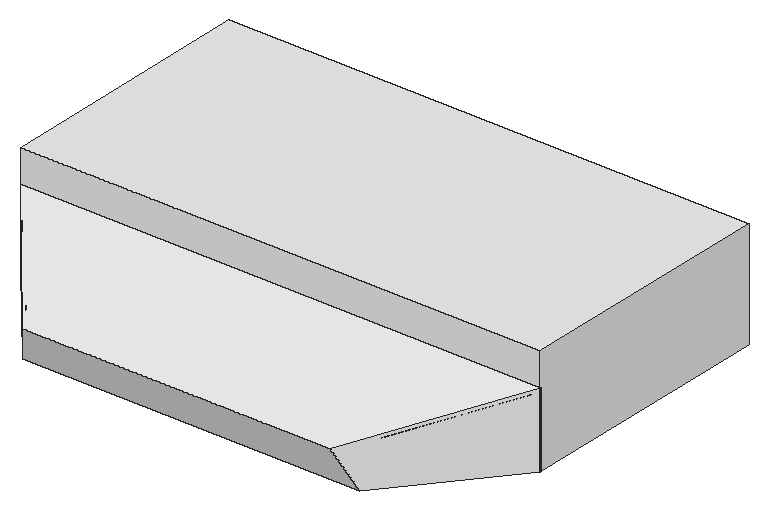
Revit family "QF_Summit_HSHELL24WH_Shell Hood", category Specialty Equipment, Revit 2020
Family settings
  Round Connector Dimension = Use Diameter
  Part Type = Normal
  Work Plane-Based = No
  Always vertical = Yes
  Cut with Voids When Loaded = No
  Shared = No
  Room Calculation Point = No
Parameters
  Weight in Pounds = 10
  URL Cutsheet = ""
  Specification by User = ""
  Specification by Manufacturer = ""
  Serial Number = ""
  Seismic Rating = ""
  SMACNA No = ""
  Revision Code = ""
  NAFEM Spec ID Number = ""
  Model = "HSHELL24WH"
  Masterspec = ""
  Manufacturer = "Summit"
  Length = 24"
  Item Number = ""
  Installed By = ""
  Identify Quantity as Lot = yes
  Height = 5"
  Furnished By = ""
  Foodservice Equipment Identifier = yes
  Description = "24\" Shell Hood"
  Depth = 18"
  Default Elevation = 0"
  CSI MasterFormat = ""
Reference planes (in)
  plane 1 "BACK": y = 0
  plane 2: z = 0
  plane 3 "LEFT": x = 0
  plane 4 "RIGHT": x = 24
  plane 5 "FRONT": y = -18
  plane 6 "TOP": z = 5
  plane 7 "Center Y": x = 12
  plane 8 "Center X": y = -9
  plane 9: z = 3.5
  plane 10: y = -12
  plane 11: z = 1.875
  plane 12: x = 4.9375
  plane 13: x = 19.0625
Forms (in)
  Extrusion 1, solid, material "QF_Metallic_Paint_White_Smooth"
    sketch origin (0, 0, 0) x (1, 0, 0) y (0, 1, 0)
      loop
        line (0, 0) -> (0, -12) -> (24, -12) -> (24, 0) -> (0, 0)
    from 0 to 5
  Extrusion 2, solid, material "QF_Metallic_Paint_White_Smooth"
    sketch origin (20, 0, 0) x (0, 1, 0) y (0, 0, 1)
      loop
        line (-18, 1.875) -> (-17.12567, 0) -> (-12, 0) -> (-12, 3.5) -> (-18, 1.875)
    from -20 to 4
  Extrusion 3, void
    sketch origin (0, 0, 0) x (1, 0, 0) y (0, 1, 0)
      loop
        line (0, -12) -> (-0.1875, -12) -> (-0.1875, -18.25) -> (4.9375, -18.25) -> (4.9375, -18) -> (0, -12)
      loop
        line (24, -12) -> (19.0625, -18) -> (19.0625, -18.25) -> (24.1875, -18.25) -> (24.1875, -12) -> (24, -12)
    from 0 to 3.5
  Blend 4, void
    base sketch origin (0, -2, 0) x (0, -1, 0) y (0, 0, -1)
      loop
        line (9.75, -4.75) -> (9.75, -0.25) -> (-1.75, -0.25) -> (-1.75, -4.75) -> (9.75, -4.75)
    top sketch origin (0, -2, 0) x (0, -1, 0) y (0, 0, -1)
      loop
        line (9.625, -4.625) -> (9.625, -0.375) -> (-1.625, -0.375) -> (-1.625, -4.625) -> (9.625, -4.625)
    from 0 to 0.08017
  Blend 5, void
    base sketch origin (0, -12, 0) x (-0.635425, 0.772162, 0) y (0, 0, 1)
      loop
        line (-7.37414, 1.70246) -> (-6.497, 0.25) -> (-0.25, 0.25) -> (-0.25, 3.19231) -> (-7.37414, 1.70246)
    top sketch origin (0, -12, 0) x (-0.635425, 0.772162, 0) y (0, 0, 1)
      loop
        line (-7.28514, 1.65857) -> (-6.47224, 0.3125) -> (-0.3125, 0.3125) -> (-0.3125, 3.11674) -> (-7.28514, 1.65857)
    from 0 to 0.08636
  Blend 6, void
    base sketch origin (23.875, -2, 0) x (0, -1, 0) y (0, 0, 1)
      loop
        line (9.75, 4.75) -> (-1.75, 4.75) -> (-1.75, 0.25) -> (9.75, 0.25) -> (9.75, 4.75)
    top sketch origin (23.875, -2, 0) x (0, -1, 0) y (0, 0, 1)
      loop
        line (9.625, 4.625) -> (-1.625, 4.625) -> (-1.625, 0.375) -> (9.625, 0.375) -> (9.625, 4.625)
    from 0 to 0.08017
  Blend 7, void
    base sketch origin (23.875, -12, 0) x (0.635425, 0.772162, 0) y (0, 0, -1)
      loop
        line (-7.37414, -1.70246) -> (-0.25, -3.19231) -> (-0.25, -0.25) -> (-6.497, -0.25) -> (-7.37414, -1.70246)
    top sketch origin (23.875, -12, 0) x (0.635425, 0.772162, 0) y (0, 0, -1)
      loop
        line (-7.28514, -1.65857) -> (-0.3125, -3.11674) -> (-0.3125, -0.3125) -> (-6.47224, -0.3125) -> (-7.28514, -1.65857)
    from 0 to 0.08636
Cuts and joins
  Extrusion 3, Blend 5, Blend 7 cuts Extrusion 2
  Blend 4, Blend 5, Blend 6 cuts Extrusion 1
Lines and regions (in)
  symbolic lines
    curve 1: line (0, 0, 0) -> (0, -12, 0)
    curve 2: line (0, -12, 0) -> (24, -12, 0)
    curve 3: line (24, -12, 0) -> (24, 0, 0)
    curve 4: line (24, 0, 0) -> (0, 0, 0)
    curve 5: line (0, -12, 0) -> (4.9375, -18, 0)
    curve 6: line (4.9375, -18, 0) -> (19.0625, -18, 0)
    curve 7: line (19.0625, -18, 0) -> (24, -12, 0)
Dimensions and locks (in)
  equal spacing: plane 3 "LEFT", plane 7 "Center Y", plane 4 "RIGHT"
  "Length": plane 3 "LEFT" to plane 4 "RIGHT"
  equal spacing: plane 5 "FRONT", plane 8 "Center X", plane 1 "BACK"
  "Depth": plane 5 "FRONT" to plane 1 "BACK"
  "Height": plane 6 "TOP" to level
  plane 9 to level = 3 1/2"
  plane 10 to plane 1 "BACK" = 12"
  plane 5 "FRONT" to plane 1 "BACK" = 18"
  locked: plane 4 "RIGHT" to plane 13 at 4.9375
  plane 4 "RIGHT" to plane 3 "LEFT" = 24"
  aligned and locked: level to plane 2
  aligned and locked: plane 6 "TOP" to Extrusion 1
  aligned and locked: Extrusion 2 to plane 3 "LEFT"
  aligned and locked: plane 9 to Extrusion 3
  aligned and locked: cut or joined group of Extrusion 2, Extrusion 3, Blend 5, Blend 7 to plane 4 "RIGHT"
Automatic sketch dimensions
  plane 1 "BACK" to curve 1 = 0"
  curve 1 to plane 3 "LEFT" = 0"
  plane 5 "FRONT" to curve 6 = 0"
  curve 6 to plane 12 = 0"
  curve 6 to plane 13 = 0"
  curve 3 to plane 4 "RIGHT" = 0"
  plane 10 to curve 2 = 0"
  Extrusion 1 sketch curve to plane 3 "LEFT" = 0"
  Extrusion 1 sketch curve to plane 4 "RIGHT" = 0"
  plane 10 to Extrusion 1 sketch curve = 0"
  plane 1 "BACK" to Extrusion 1 sketch curve = 0"
  Extrusion 2 sketch curve to plane 5 "FRONT" = 0"
  Extrusion 2 sketch curve to level = 0"
  Extrusion 2 sketch curve to plane 10 = 0"
  plane 11 to Extrusion 2 sketch curve = 0"
  Extrusion 2 sketch curve to plane 9 = 0"
  Extrusion 2 sketch curve to plane 5 "FRONT" = 0.87433"
  plane 10 to Extrusion 3 sketch curve = 0"  (x2)
  Extrusion 3 sketch curve to plane 3 "LEFT" = 0"
  Extrusion 3 sketch curve to plane 12 = 0"
  Extrusion 3 sketch curve to plane 13 = 0"
  Extrusion 3 sketch curve to plane 4 "RIGHT" = 0"
  plane 5 "FRONT" to Extrusion 3 sketch curve = 0"  (x2)
  Extrusion 3 sketch curve to plane 3 "LEFT" = 3/16"
  Extrusion 3 sketch curve to Extrusion 3 sketch curve = 3/16"
  plane 5 "FRONT" to Extrusion 3 sketch curve = 1/4"  (x2)
  Blend 4 sketch curve to Extrusion 1 = 1/4"  (x3)
  Extrusion 1 to Blend 4 sketch curve = 1/4"
  Blend 4 sketch curve to Extrusion 1 = 3/8"  (x3)
  Extrusion 1 to Blend 4 sketch curve = 3/8"
  Extrusion 3 to Blend 5 sketch curve = 0.39625"
  Blend 5 sketch curve to Extrusion 3 = 1/4"
  Extrusion 3 to Blend 5 sketch curve = 1.27339"
  Extrusion 3 to Blend 5 sketch curve = 1/4"
  Blend 5 sketch curve to Blend 5 sketch curve = 1.45246"
  Blend 5 sketch curve to Extrusion 3 = 0.30769"
  Extrusion 3 to Blend 5 sketch curve = 0.48525"
  Blend 5 sketch curve to Extrusion 3 = 5/16"
  Extrusion 3 to Blend 5 sketch curve = 1.29814"
  Extrusion 3 to Blend 5 sketch curve = 5/16"
  Blend 5 sketch curve to Blend 5 sketch curve = 1.34607"
  Blend 5 sketch curve to Extrusion 3 = 0.38326"
  plane 1 "BACK" to Blend 6 sketch curve = 1/4"
  Blend 6 sketch curve to plane 10 = 1/4"
  level to Blend 6 sketch curve = 1/4"
  Blend 6 sketch curve to plane 6 "TOP" = 1/4"
  plane 1 "BACK" to Blend 6 sketch curve = 3/8"
  Blend 6 sketch curve to plane 10 = 3/8"
  level to Blend 6 sketch curve = 3/8"
  Blend 6 sketch curve to plane 6 "TOP" = 3/8"
  plane 11 to Blend 7 sketch curve = 0.17254"
  level to Blend 7 sketch curve = 1/4"
  Blend 7 sketch curve to Blend 7 sketch curve = 0.87714"
  Blend 7 sketch curve to Blend 7 sketch curve = 6.247"
  Blend 7 sketch curve to plane 9 = 0.30769"
  plane 11 to Blend 7 sketch curve = 0.21643"
  level to Blend 7 sketch curve = 5/16"
  Blend 7 sketch curve to Blend 7 sketch curve = 0.81289"
  Blend 7 sketch curve to Blend 7 sketch curve = 6.15974"
  Blend 7 sketch curve to plane 9 = 0.38326"
